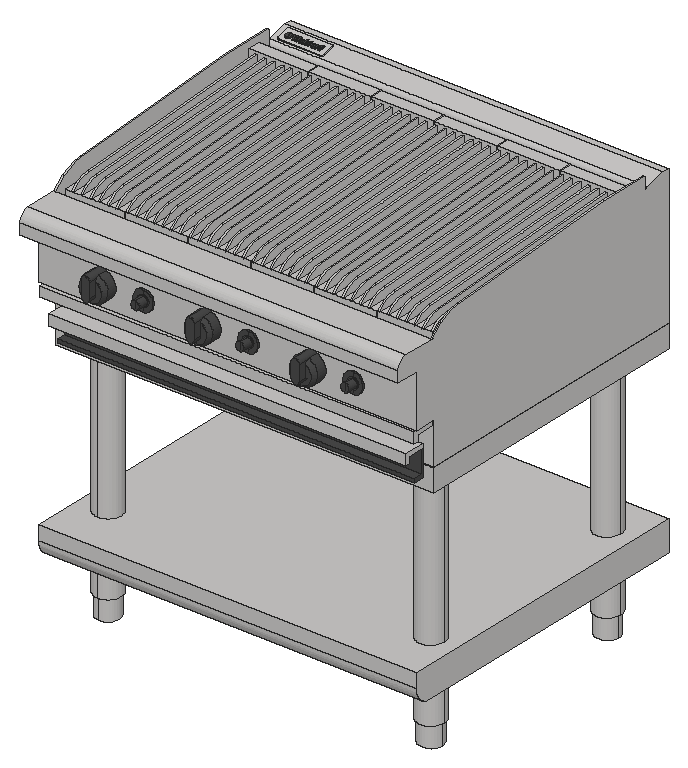
Revit family "QF_MOFFAT WALDORF_CHL8900G-LS", category Specialty Equipment, Revit 2012 (continued)
Automatic sketch dimensions
  Extrusion 26 sketch curve to plane 6 "TOP" = 425.155 mm
  Extrusion 26 sketch curve to plane 6 "TOP" = 379.636 mm
  Extrusion 26 sketch curve to Extrusion 26 sketch curve = 52.486 mm
  Extrusion 27 sketch curve to plane 5 "FRONT" = 128 mm
  Extrusion 27 sketch curve to Extrusion 27 sketch curve = 46.148 mm
  Extrusion 27 sketch curve to Extrusion 27 sketch curve = 50.262 mm
  plane 1 "BACK" to Extrusion 27 sketch curve = 132 mm
  Extrusion 27 sketch curve to plane 6 "TOP" = 425.155 mm
  Extrusion 27 sketch curve to plane 6 "TOP" = 379.636 mm
  Extrusion 27 sketch curve to Extrusion 27 sketch curve = 52.486 mm
  Extrusion 28 sketch curve to plane 5 "FRONT" = 128 mm
  Extrusion 28 sketch curve to Extrusion 28 sketch curve = 46.148 mm
  Extrusion 28 sketch curve to Extrusion 28 sketch curve = 4.114 mm
  plane 1 "BACK" to Extrusion 28 sketch curve = 132 mm
  Extrusion 28 sketch curve to plane 6 "TOP" = 425.155 mm
  Extrusion 28 sketch curve to plane 6 "TOP" = 379.636 mm
  Extrusion 28 sketch curve to Extrusion 28 sketch curve = 52.486 mm
  Extrusion 29 sketch curve to plane 5 "FRONT" = 128 mm
  Extrusion 29 sketch curve to Extrusion 29 sketch curve = 46.148 mm
  Extrusion 29 sketch curve to Extrusion 29 sketch curve = 50.262 mm
  plane 1 "BACK" to Extrusion 29 sketch curve = 132 mm
  Extrusion 29 sketch curve to plane 6 "TOP" = 425.155 mm
  Extrusion 29 sketch curve to plane 6 "TOP" = 379.636 mm
  Extrusion 29 sketch curve to Extrusion 29 sketch curve = 52.486 mm
  Extrusion 30 sketch curve to plane 5 "FRONT" = 128 mm
  Extrusion 30 sketch curve to Extrusion 30 sketch curve = 46.148 mm
  Extrusion 30 sketch curve to Extrusion 30 sketch curve = 50.262 mm
  plane 1 "BACK" to Extrusion 30 sketch curve = 132 mm
  Extrusion 30 sketch curve to plane 6 "TOP" = 425.155 mm
  Extrusion 30 sketch curve to plane 6 "TOP" = 379.636 mm
  Extrusion 30 sketch curve to Extrusion 30 sketch curve = 52.486 mm
  Extrusion 31 sketch curve to plane 5 "FRONT" = 128 mm
  Extrusion 31 sketch curve to Extrusion 31 sketch curve = 46.148 mm
  Extrusion 31 sketch curve to Extrusion 31 sketch curve = 4.114 mm
  plane 1 "BACK" to Extrusion 31 sketch curve = 132 mm
  Extrusion 31 sketch curve to plane 6 "TOP" = 425.155 mm
  Extrusion 31 sketch curve to plane 6 "TOP" = 379.636 mm
  Extrusion 31 sketch curve to Extrusion 31 sketch curve = 52.486 mm
  Extrusion 32 sketch curve to plane 5 "FRONT" = 128 mm
  Extrusion 32 sketch curve to Extrusion 32 sketch curve = 46.148 mm
  Extrusion 32 sketch curve to Extrusion 32 sketch curve = 50.262 mm
  plane 1 "BACK" to Extrusion 32 sketch curve = 132 mm
  Extrusion 32 sketch curve to plane 6 "TOP" = 425.155 mm
  Extrusion 32 sketch curve to plane 6 "TOP" = 379.636 mm
  Extrusion 32 sketch curve to Extrusion 32 sketch curve = 52.486 mm
  Extrusion 33 sketch curve to plane 5 "FRONT" = 128 mm
  Extrusion 33 sketch curve to Extrusion 33 sketch curve = 46.148 mm
  Extrusion 33 sketch curve to Extrusion 33 sketch curve = 4.114 mm
  plane 1 "BACK" to Extrusion 33 sketch curve = 132 mm
  Extrusion 33 sketch curve to plane 6 "TOP" = 425.155 mm
  Extrusion 33 sketch curve to plane 6 "TOP" = 379.636 mm
  Extrusion 33 sketch curve to Extrusion 33 sketch curve = 52.486 mm
  Extrusion 34 sketch curve to plane 5 "FRONT" = 128 mm
  Extrusion 34 sketch curve to Extrusion 34 sketch curve = 46.148 mm
  Extrusion 34 sketch curve to Extrusion 34 sketch curve = 4.114 mm
  plane 1 "BACK" to Extrusion 34 sketch curve = 132 mm
  Extrusion 34 sketch curve to plane 6 "TOP" = 425.155 mm
  Extrusion 34 sketch curve to Extrusion 34 sketch curve = 45.518 mm
  Extrusion 34 sketch curve to Extrusion 34 sketch curve = 52.486 mm
  Extrusion 35 sketch curve to plane 5 "FRONT" = 128 mm
  Extrusion 35 sketch curve to Extrusion 35 sketch curve = 46.148 mm
  Extrusion 35 sketch curve to Extrusion 35 sketch curve = 50.262 mm
  plane 1 "BACK" to Extrusion 35 sketch curve = 132 mm
  Extrusion 35 sketch curve to plane 6 "TOP" = 425.155 mm
  Extrusion 35 sketch curve to plane 6 "TOP" = 379.636 mm
  Extrusion 35 sketch curve to Extrusion 35 sketch curve = 52.486 mm
  Extrusion 36 sketch curve to plane 5 "FRONT" = 128 mm
  Extrusion 36 sketch curve to Extrusion 36 sketch curve = 46.148 mm
  Extrusion 36 sketch curve to Extrusion 36 sketch curve = 4.114 mm
  plane 1 "BACK" to Extrusion 36 sketch curve = 132 mm
  Extrusion 36 sketch curve to plane 6 "TOP" = 425.155 mm
  Extrusion 36 sketch curve to plane 6 "TOP" = 379.636 mm
  Extrusion 36 sketch curve to Extrusion 36 sketch curve = 52.486 mm
  Extrusion 37 sketch curve to plane 5 "FRONT" = 128 mm
  Extrusion 37 sketch curve to Extrusion 37 sketch curve = 46.148 mm
  Extrusion 37 sketch curve to Extrusion 37 sketch curve = 4.114 mm
  plane 1 "BACK" to Extrusion 37 sketch curve = 132 mm
  Extrusion 37 sketch curve to plane 6 "TOP" = 425.155 mm
  Extrusion 37 sketch curve to plane 6 "TOP" = 379.636 mm
  Extrusion 37 sketch curve to Extrusion 37 sketch curve = 52.486 mm
  Extrusion 38 sketch curve to plane 5 "FRONT" = 128 mm
  Extrusion 38 sketch curve to Extrusion 38 sketch curve = 46.148 mm
  Extrusion 38 sketch curve to Extrusion 38 sketch curve = 50.262 mm
  plane 1 "BACK" to Extrusion 38 sketch curve = 132 mm
  Extrusion 38 sketch curve to plane 6 "TOP" = 425.155 mm
  Extrusion 38 sketch curve to plane 6 "TOP" = 379.636 mm
  Extrusion 38 sketch curve to Extrusion 38 sketch curve = 52.486 mm
  Extrusion 39 sketch curve to plane 5 "FRONT" = 128 mm
  Extrusion 39 sketch curve to Extrusion 39 sketch curve = 46.148 mm
  Extrusion 39 sketch curve to Extrusion 39 sketch curve = 50.262 mm
  plane 1 "BACK" to Extrusion 39 sketch curve = 132 mm
  Extrusion 39 sketch curve to plane 6 "TOP" = 425.155 mm
  Extrusion 39 sketch curve to plane 6 "TOP" = 379.636 mm
  Extrusion 39 sketch curve to Extrusion 39 sketch curve = 52.486 mm
  Extrusion 40 sketch curve to plane 5 "FRONT" = 128 mm
  Extrusion 40 sketch curve to Extrusion 40 sketch curve = 46.148 mm
  Extrusion 40 sketch curve to Extrusion 40 sketch curve = 4.114 mm
  plane 1 "BACK" to Extrusion 40 sketch curve = 132 mm
  Extrusion 40 sketch curve to plane 6 "TOP" = 425.155 mm
  Extrusion 40 sketch curve to plane 6 "TOP" = 379.636 mm
  Extrusion 40 sketch curve to Extrusion 40 sketch curve = 52.486 mm
  plane 1 "BACK" to Extrusion 41 sketch curve = 32 mm
  Extrusion 42 sketch curve to plane 5 "FRONT" = 81 mm
  Extrusion 42 sketch curve to Extrusion 42 sketch curve = 20 mm
  Extrusion 42 sketch curve to Extrusion 42 sketch curve = 18.654 mm
  level to Extrusion 42 sketch curve = 608.047 mm
  Extrusion 42 sketch curve to Extrusion 42 sketch curve = 10 mm
  Extrusion 42 sketch curve to Extrusion 42 sketch curve = 53.75 mm
  Extrusion 43 sketch curve to plane 5 "FRONT" = 53.73 mm
  Extrusion 43 sketch curve to Extrusion 43 sketch curve = 10 mm  (x2)
  Extrusion 43 sketch curve to Extrusion 43 sketch curve = 42.27 mm
  level to Extrusion 43 sketch curve = 711.219 mm
  Extrusion 43 sketch curve to Extrusion 43 sketch curve = 15 mm
  Split face 12 sketch curve to cut or joined group of Extrusion 1, Extrusion 6, Extrusion 7 = 1.25 mm
  Split face 12 sketch curve to cut or joined group of Extrusion 1, Extrusion 6, Extrusion 7 = 24.993 mm
  cut or joined group of Extrusion 1, Extrusion 6, Extrusion 7 to Split face 12 sketch curve = 1.25 mm
  Split face 12 sketch curve to cut or joined group of Extrusion 1, Extrusion 6, Extrusion 7 = 25.12 mm
  Extrusion 44 sketch curve to plane 5 "FRONT" = 53.73 mm
  Extrusion 44 sketch curve to Extrusion 44 sketch curve = 10 mm  (x2)
  Extrusion 44 sketch curve to Extrusion 44 sketch curve = 55.924 mm
  level to Extrusion 44 sketch curve = 656.797 mm
  Extrusion 44 sketch curve to Extrusion 44 sketch curve = 15 mm
  Extrusion 45 sketch curve to plane 5 "FRONT" = 128 mm
  plane 1 "BACK" to Extrusion 45 sketch curve = 132 mm
  Extrusion 45 sketch curve to Extrusion 45 sketch curve = 30 mm
  Extrusion 45 sketch curve to plane 6 "TOP" = 415 mm
  Extrusion 45 sketch curve to Extrusion 45 sketch curve = 35.364 mm
  Extrusion 45 sketch curve to Extrusion 45 sketch curve = 59.636 mm
  Extrusion 46 sketch curve to plane 5 "FRONT" = 128 mm
  plane 1 "BACK" to Extrusion 46 sketch curve = 132 mm
  Extrusion 46 sketch curve to Extrusion 46 sketch curve = 30 mm
  Extrusion 46 sketch curve to plane 6 "TOP" = 415 mm
  Extrusion 46 sketch curve to Extrusion 46 sketch curve = 35.364 mm
  Extrusion 46 sketch curve to Extrusion 46 sketch curve = 59.636 mm
  Extrusion 47 sketch curve to plane 5 "FRONT" = 128 mm
  plane 1 "BACK" to Extrusion 47 sketch curve = 132 mm
  Extrusion 47 sketch curve to Extrusion 47 sketch curve = 30 mm
  Extrusion 47 sketch curve to plane 6 "TOP" = 415 mm
  Extrusion 47 sketch curve to Extrusion 47 sketch curve = 35.364 mm
  Extrusion 47 sketch curve to Extrusion 47 sketch curve = 59.636 mm
  Extrusion 48 sketch curve to plane 5 "FRONT" = 128 mm
  plane 1 "BACK" to Extrusion 48 sketch curve = 132 mm
  Extrusion 48 sketch curve to Extrusion 48 sketch curve = 30 mm
  Extrusion 48 sketch curve to plane 6 "TOP" = 415 mm
  Extrusion 48 sketch curve to Extrusion 48 sketch curve = 35.364 mm
  Extrusion 48 sketch curve to Extrusion 48 sketch curve = 59.636 mm
  Extrusion 49 sketch curve to plane 5 "FRONT" = 128 mm
  Extrusion 49 sketch curve to Extrusion 49 sketch curve = 46.148 mm
  Extrusion 49 sketch curve to Extrusion 49 sketch curve = 50.262 mm
  plane 1 "BACK" to Extrusion 49 sketch curve = 132 mm
  Extrusion 49 sketch curve to plane 6 "TOP" = 425.155 mm
  Extrusion 49 sketch curve to Extrusion 49 sketch curve = 45.518 mm
  Extrusion 49 sketch curve to Extrusion 49 sketch curve = 52.486 mm
  Extrusion 50 sketch curve to plane 5 "FRONT" = 128 mm
  Extrusion 50 sketch curve to Extrusion 50 sketch curve = 46.148 mm
  Extrusion 50 sketch curve to Extrusion 50 sketch curve = 50.262 mm
  plane 1 "BACK" to Extrusion 50 sketch curve = 132 mm
  Extrusion 50 sketch curve to plane 6 "TOP" = 425.155 mm
  Extrusion 50 sketch curve to plane 6 "TOP" = 379.636 mm
  Extrusion 50 sketch curve to Extrusion 50 sketch curve = 52.486 mm
  Extrusion 51 sketch curve to plane 5 "FRONT" = 128 mm
  Extrusion 51 sketch curve to Extrusion 51 sketch curve = 46.148 mm
  Extrusion 51 sketch curve to Extrusion 51 sketch curve = 4.114 mm
  plane 1 "BACK" to Extrusion 51 sketch curve = 132 mm
  Extrusion 51 sketch curve to plane 6 "TOP" = 425.155 mm
  Extrusion 51 sketch curve to plane 6 "TOP" = 379.636 mm
  Extrusion 51 sketch curve to Extrusion 51 sketch curve = 52.486 mm
  Extrusion 52 sketch curve to plane 5 "FRONT" = 128 mm
  Extrusion 52 sketch curve to Extrusion 52 sketch curve = 46.148 mm
  Extrusion 52 sketch curve to Extrusion 52 sketch curve = 4.114 mm
  plane 1 "BACK" to Extrusion 52 sketch curve = 132 mm
  Extrusion 52 sketch curve to plane 6 "TOP" = 425.155 mm
  Extrusion 52 sketch curve to plane 6 "TOP" = 379.636 mm
  Extrusion 52 sketch curve to Extrusion 52 sketch curve = 52.486 mm
  Extrusion 53 sketch curve to plane 5 "FRONT" = 128 mm
  Extrusion 53 sketch curve to Extrusion 53 sketch curve = 46.148 mm
  Extrusion 53 sketch curve to Extrusion 53 sketch curve = 4.114 mm
  plane 1 "BACK" to Extrusion 53 sketch curve = 132 mm
  Extrusion 53 sketch curve to plane 6 "TOP" = 425.155 mm
  Extrusion 53 sketch curve to plane 6 "TOP" = 379.636 mm
  Extrusion 53 sketch curve to Extrusion 53 sketch curve = 52.486 mm
  Extrusion 54 sketch curve to plane 5 "FRONT" = 128 mm
  Extrusion 54 sketch curve to Extrusion 54 sketch curve = 46.148 mm
  Extrusion 54 sketch curve to Extrusion 54 sketch curve = 4.114 mm
  plane 1 "BACK" to Extrusion 54 sketch curve = 132 mm
  Extrusion 54 sketch curve to plane 6 "TOP" = 425.155 mm
  Extrusion 54 sketch curve to plane 6 "TOP" = 379.636 mm
  Extrusion 54 sketch curve to Extrusion 54 sketch curve = 52.486 mm
  Extrusion 55 sketch curve to plane 5 "FRONT" = 128 mm
  Extrusion 55 sketch curve to Extrusion 55 sketch curve = 46.148 mm
  Extrusion 55 sketch curve to Extrusion 55 sketch curve = 4.114 mm
  plane 1 "BACK" to Extrusion 55 sketch curve = 132 mm
  Extrusion 55 sketch curve to plane 6 "TOP" = 425.155 mm
  Extrusion 55 sketch curve to plane 6 "TOP" = 379.636 mm
  Extrusion 55 sketch curve to Extrusion 55 sketch curve = 52.486 mm
  Extrusion 56 sketch curve to plane 5 "FRONT" = 128 mm
  plane 1 "BACK" to Extrusion 56 sketch curve = 132 mm
  Extrusion 56 sketch curve to Extrusion 56 sketch curve = 30 mm
  Extrusion 56 sketch curve to plane 6 "TOP" = 415 mm
  Extrusion 56 sketch curve to Extrusion 56 sketch curve = 35.364 mm
  Extrusion 56 sketch curve to Extrusion 56 sketch curve = 59.636 mm
  Extrusion 57 sketch curve to plane 5 "FRONT" = 128 mm
  Extrusion 57 sketch curve to Extrusion 57 sketch curve = 46.148 mm
  Extrusion 57 sketch curve to Extrusion 57 sketch curve = 50.262 mm
  plane 1 "BACK" to Extrusion 57 sketch curve = 132 mm
  Extrusion 57 sketch curve to plane 6 "TOP" = 425.155 mm
  Extrusion 57 sketch curve to Extrusion 57 sketch curve = 45.518 mm
  Extrusion 57 sketch curve to Extrusion 57 sketch curve = 52.486 mm
  Extrusion 58 sketch curve to plane 5 "FRONT" = 128 mm
  Extrusion 58 sketch curve to Extrusion 58 sketch curve = 46.148 mm
  Extrusion 58 sketch curve to Extrusion 58 sketch curve = 50.262 mm
  plane 1 "BACK" to Extrusion 58 sketch curve = 132 mm
  Extrusion 58 sketch curve to plane 6 "TOP" = 425.155 mm
  Extrusion 58 sketch curve to plane 6 "TOP" = 379.636 mm
  Extrusion 58 sketch curve to Extrusion 58 sketch curve = 52.486 mm
  Extrusion 59 sketch curve to plane 5 "FRONT" = 128 mm
  Extrusion 59 sketch curve to Extrusion 59 sketch curve = 46.148 mm
  Extrusion 59 sketch curve to Extrusion 59 sketch curve = 4.114 mm
  plane 1 "BACK" to Extrusion 59 sketch curve = 132 mm
  Extrusion 59 sketch curve to plane 6 "TOP" = 425.155 mm
  Extrusion 59 sketch curve to plane 6 "TOP" = 379.636 mm
  Extrusion 59 sketch curve to Extrusion 59 sketch curve = 52.486 mm
  Extrusion 60 sketch curve to plane 5 "FRONT" = 128 mm
  Extrusion 60 sketch curve to Extrusion 60 sketch curve = 46.148 mm
  Extrusion 60 sketch curve to Extrusion 60 sketch curve = 4.114 mm
  plane 1 "BACK" to Extrusion 60 sketch curve = 132 mm
  Extrusion 60 sketch curve to plane 6 "TOP" = 425.155 mm
  Extrusion 60 sketch curve to plane 6 "TOP" = 379.636 mm
  Extrusion 60 sketch curve to Extrusion 60 sketch curve = 52.486 mm
  Extrusion 61 sketch curve to plane 5 "FRONT" = 128 mm
  Extrusion 61 sketch curve to Extrusion 61 sketch curve = 46.148 mm
  Extrusion 61 sketch curve to Extrusion 61 sketch curve = 4.114 mm
  plane 1 "BACK" to Extrusion 61 sketch curve = 132 mm
  Extrusion 61 sketch curve to plane 6 "TOP" = 425.155 mm
  Extrusion 61 sketch curve to plane 6 "TOP" = 379.636 mm
  Extrusion 61 sketch curve to Extrusion 61 sketch curve = 52.486 mm
  Extrusion 62 sketch curve to plane 5 "FRONT" = 128 mm
  Extrusion 62 sketch curve to Extrusion 62 sketch curve = 46.148 mm
  Extrusion 62 sketch curve to Extrusion 62 sketch curve = 4.114 mm
  plane 1 "BACK" to Extrusion 62 sketch curve = 132 mm
  Extrusion 62 sketch curve to plane 6 "TOP" = 425.155 mm
  Extrusion 62 sketch curve to plane 6 "TOP" = 379.636 mm
  Extrusion 62 sketch curve to Extrusion 62 sketch curve = 52.486 mm
  Extrusion 63 sketch curve to plane 5 "FRONT" = 128 mm
  Extrusion 63 sketch curve to Extrusion 63 sketch curve = 46.148 mm
  Extrusion 63 sketch curve to Extrusion 63 sketch curve = 4.114 mm
  plane 1 "BACK" to Extrusion 63 sketch curve = 132 mm
  Extrusion 63 sketch curve to plane 6 "TOP" = 425.155 mm
  Extrusion 63 sketch curve to plane 6 "TOP" = 379.636 mm
  Extrusion 63 sketch curve to Extrusion 63 sketch curve = 52.486 mm
  Extrusion 64 sketch curve to plane 5 "FRONT" = 128 mm
  plane 1 "BACK" to Extrusion 64 sketch curve = 132 mm
  Extrusion 64 sketch curve to Extrusion 64 sketch curve = 30 mm
  Extrusion 64 sketch curve to plane 6 "TOP" = 415 mm
  Extrusion 64 sketch curve to Extrusion 64 sketch curve = 35.364 mm
  Extrusion 64 sketch curve to Extrusion 64 sketch curve = 59.636 mm
  Extrusion 1 to Split face 13 sketch curve = 1.962 mm
  Split face 13 sketch curve to Extrusion 1 = 426.534 mm
  Split face 13 sketch curve to Split face 13 sketch curve = 20 mm
  Extrusion 1 to Split face 14 sketch curve = 1.962 mm
  Split face 14 sketch curve to Extrusion 1 = 446.466 mm
  Split face 14 sketch curve to Split face 14 sketch curve = 20 mm
  Extrusion 1 to Split face 15 sketch curve = 1.962 mm
  Split face 15 sketch curve to Extrusion 1 = 419.466 mm
  Split face 15 sketch curve to Split face 15 sketch curve = 20 mm
  Extrusion 1 to Split face 16 sketch curve = 1.962 mm
  Split face 16 sketch curve to Extrusion 1 = 392.466 mm
  Split face 16 sketch curve to Split face 16 sketch curve = 20 mm
  Extrusion 1 to Split face 17 sketch curve = 1.962 mm
  Split face 17 sketch curve to Extrusion 1 = 365.466 mm
  Split face 17 sketch curve to Split face 17 sketch curve = 20 mm
  Extrusion 1 to Split face 18 sketch curve = 1.962 mm
  Split face 18 sketch curve to Extrusion 1 = 338.466 mm
  Split face 18 sketch curve to Split face 18 sketch curve = 20 mm
  Extrusion 1 to Split face 19 sketch curve = 1.962 mm
  Split face 19 sketch curve to Extrusion 1 = 311.466 mm
  Split face 19 sketch curve to Split face 19 sketch curve = 20 mm
  Extrusion 1 to Split face 20 sketch curve = 1.962 mm
  Split face 20 sketch curve to Extrusion 1 = 284.466 mm
  Split face 20 sketch curve to Split face 20 sketch curve = 20 mm
  Extrusion 1 to Split face 21 sketch curve = 1.962 mm
  Split face 21 sketch curve to Extrusion 1 = 257.466 mm
  Split face 21 sketch curve to Split face 21 sketch curve = 20 mm
  Extrusion 1 to Split face 22 sketch curve = 1.962 mm
  Split face 22 sketch curve to Extrusion 1 = 230.466 mm
  Split face 22 sketch curve to Split face 22 sketch curve = 20 mm
  Extrusion 1 to Split face 23 sketch curve = 1.962 mm
  Split face 23 sketch curve to Extrusion 1 = 203.466 mm
  Split face 23 sketch curve to Split face 23 sketch curve = 20 mm
  Extrusion 1 to Split face 24 sketch curve = 1.962 mm
  Split face 24 sketch curve to Extrusion 1 = 176.466 mm
  Split face 24 sketch curve to Split face 24 sketch curve = 20 mm
  Extrusion 1 to Split face 25 sketch curve = 1.962 mm
  Split face 25 sketch curve to Extrusion 1 = 149.466 mm
  Split face 25 sketch curve to Split face 25 sketch curve = 20 mm
  Revolve 65 sketch curve to plane 5 "FRONT" = 12 mm
  Revolve 65 sketch curve to Revolve 65 sketch curve = 0 mm  (x2)
  Revolve 65 sketch curve to Revolve 65 sketch curve = 11 mm
  Revolve 65 sketch curve to Revolve 65 sketch curve = 12.7 mm
  Revolve 65 sketch curve to Revolve 65 sketch curve = 23 mm
  Revolve 65 sketch curve to Revolve 65 sketch curve = 10 mm
  Revolve 65 sketch curve to plane 6 "TOP" = 460.5 mm
  Revolve 65 sketch curve to Revolve 65 sketch curve = 5.849 mm
  Revolve 65 sketch curve to Revolve 65 sketch curve = 27.5 mm
  Revolve 65 sketch curve to Revolve 65 sketch curve = 5 mm
  plane 7 "Center Y" to Extrusion 66 sketch curve = 218.056 mm
  Extrusion 66 sketch curve to Extrusion 66 sketch curve = 10 mm
  Extrusion 66 sketch curve to plane 6 "TOP" = 466 mm
  Extrusion 66 sketch curve to Extrusion 66 sketch curve = 35 mm
  Revolve 67 sketch curve to plane 5 "FRONT" = 20.12 mm
  Revolve 67 sketch curve to Revolve 67 sketch curve = 6.83 mm
  Revolve 67 sketch curve to Revolve 67 sketch curve = 15.2 mm
  Revolve 67 sketch curve to Revolve 67 sketch curve = 1.144 mm
  Revolve 67 sketch curve to Revolve 67 sketch curve = 3.85 mm
  Revolve 67 sketch curve to Revolve 67 sketch curve = 0 mm  (x2)
  Revolve 67 sketch curve to Revolve 67 sketch curve = 10 mm
  level to Revolve 67 sketch curve = 797 mm
  Revolve 67 sketch curve to Revolve 67 sketch curve = 5 mm
  Revolve 67 sketch curve to Revolve 67 sketch curve = 4.825 mm
  Revolve 67 sketch curve to Revolve 67 sketch curve = 3.025 mm
  Revolve 67 sketch curve to Revolve 67 sketch curve = 11.15 mm
  Extrusion 1 sketch curve to plane 5 "FRONT" = 0 mm
  Extrusion 1 sketch curve to plane 9 = 0 mm
  Extrusion 1 sketch curve to plane 1 "BACK" = 0 mm  (x3)
  Extrusion 1 sketch curve to plane 5 "FRONT" = 24 mm
  Extrusion 1 sketch curve to plane 5 "FRONT" = 56 mm  (x2)
  Extrusion 1 sketch curve to Extrusion 1 sketch curve = 44 mm
  Extrusion 1 sketch curve to Extrusion 1 sketch curve = 50 mm
  Extrusion 1 sketch curve to Extrusion 1 sketch curve = 0 mm
  Extrusion 1 sketch curve to plane 9 = 23.945 mm
  plane 1 "BACK" to Extrusion 1 sketch curve = 70 mm
  plane 1 "BACK" to Extrusion 1 sketch curve = 16.5 mm
  Extrusion 1 sketch curve to plane 9 = 55 mm
  Extrusion 1 sketch curve to Extrusion 1 sketch curve = 82.646 mm
  Extrusion 1 sketch curve to Extrusion 1 sketch curve = 25 mm
  Extrusion 1 sketch curve to Extrusion 1 sketch curve = 135 mm
  Extrusion 1 sketch curve to Extrusion 1 sketch curve = 0.794 mm
  Extrusion 1 sketch curve to Extrusion 1 sketch curve = 54.206 mm
  Extrusion 1 sketch curve to Extrusion 1 sketch curve = 12 mm
  Extrusion 1 sketch curve to Extrusion 1 sketch curve = 8.894 mm
  Extrusion 1 sketch curve to Extrusion 1 sketch curve = 100 mm
  Split face 1 sketch curve to Extrusion 1 = 17.949 mm
  Split face 2 sketch curve to Extrusion 1 = 17.949 mm
  Split face 3 sketch curve to Extrusion 1 = 17.949 mm
  Split face 4 sketch curve to Extrusion 1 = 17.949 mm
  Split face 5 sketch curve to Extrusion 1 = 17.949 mm
  Split face 6 sketch curve to Extrusion 1 = 17.949 mm
  Split face 7 sketch curve to Extrusion 1 = 17.949 mm
  Split face 8 sketch curve to Extrusion 1 = 17.949 mm
  Split face 9 sketch curve to Extrusion 1 = 17.949 mm
  Split face 10 sketch curve to Extrusion 1 = 17.949 mm
  Split face 11 sketch curve to Extrusion 1 = 17.949 mm
  Split face 13 sketch curve to Extrusion 1 = 17.949 mm
  Split face 14 sketch curve to Extrusion 1 = 17.949 mm
  Split face 15 sketch curve to Extrusion 1 = 17.949 mm
  Split face 16 sketch curve to Extrusion 1 = 17.949 mm
  Split face 17 sketch curve to Extrusion 1 = 17.949 mm
  Split face 18 sketch curve to Extrusion 1 = 17.949 mm
  Split face 19 sketch curve to Extrusion 1 = 17.949 mm
  Split face 20 sketch curve to Extrusion 1 = 17.949 mm
  Split face 21 sketch curve to Extrusion 1 = 17.949 mm
  Split face 22 sketch curve to Extrusion 1 = 17.949 mm
  Split face 23 sketch curve to Extrusion 1 = 17.949 mm
  Split face 24 sketch curve to Extrusion 1 = 17.949 mm
  Split face 25 sketch curve to Extrusion 1 = 17.949 mm
  Extrusion 7 sketch curve to plane 5 "FRONT" = 100 mm
  Extrusion 7 sketch curve to plane 9 = 33.285 mm
  Extrusion 7 sketch curve to Extrusion 7 sketch curve = 28.253 mm
  Extrusion 7 sketch curve to plane 9 = 15.444 mm
  Extrusion 7 sketch curve to Extrusion 7 sketch curve = 85.611 mm
  plane 9 to Extrusion 7 sketch curve = 15 mm
  plane 1 "BACK" to Extrusion 7 sketch curve = 191 mm
  plane 1 "BACK" to Extrusion 7 sketch curve = 70 mm
  Extrusion 7 sketch curve to Extrusion 7 sketch curve = 21.715 mm
  Extrusion 7 sketch curve to plane 9 = 95 mm
  Extrusion 7 sketch curve to Extrusion 7 sketch curve = 50.382 mm
  Extrusion 7 sketch curve to Extrusion 7 sketch curve = 5 mm
  Extrusion 6 sketch curve to Extrusion 6 sketch curve = 28.253 mm
  plane 9 to Extrusion 6 sketch curve = 15 mm
  Extrusion 6 sketch curve to plane 9 = 33.285 mm
  Extrusion 6 sketch curve to Extrusion 6 sketch curve = 85.611 mm
  Extrusion 6 sketch curve to Extrusion 6 sketch curve = 21.715 mm
  Extrusion 6 sketch curve to Extrusion 6 sketch curve = 20.2 mm
  Extrusion 6 sketch curve to Extrusion 6 sketch curve = 50.382 mm
  Extrusion 6 sketch curve to plane 9 = 95 mm
  plane 1 "BACK" to Extrusion 6 sketch curve = 191 mm
  Extrusion 6 sketch curve to Extrusion 6 sketch curve = 5 mm
  plane 1 "BACK" to Extrusion 6 sketch curve = 70 mm
  Extrusion 1 sketch curve to Extrusion 1 sketch curve = 38 mm
  Extrusion 1 sketch curve to Extrusion 1 sketch curve = 34.5 mm
  level to Extrusion 1 sketch curve = 150 mm
  level to Revolve 2 sketch curve = 222.5 mm
  Revolve 2 sketch curve to Revolve 2 sketch curve = 31.75 mm
  Revolve 2 sketch curve to Revolve 2 sketch curve = 72.5 mm
  plane 4 "RIGHT" to Revolve 2 sketch curve = 97.25 mm
  plane 4 "RIGHT" to Revolve 3 sketch curve = 65.5 mm
  level to Revolve 3 sketch curve = 222.5 mm
  Revolve 3 sketch curve to Revolve 3 sketch curve = 72.5 mm
  Revolve 3 sketch curve to Revolve 3 sketch curve = 31.75 mm
  Revolve 4 sketch curve to Revolve 4 sketch curve = 31.75 mm  (x2)
  level to Revolve 4 sketch curve = 150 mm
  Revolve 4 sketch curve to Revolve 4 sketch curve = 72.5 mm
  plane 1 "BACK" to Revolve 5 sketch curve = 100 mm  (x2)
  Revolve 5 sketch curve to Revolve 5 sketch curve = 100 mm
  Revolve 5 sketch curve to Revolve 5 sketch curve = 72.5 mm
  Revolve 5 sketch curve to Revolve 5 sketch curve = 31.75 mm
  radius of Extrusion 41 sketch curve = 13.5 mm
Nested families
  nested 1: "WALDORF LOGO_FACE BASE" at (12.5, -23.821, 967.972) x (1, 0, 0) z (0, -0.2669, 0.9637), visible <- "Show Logo", type "WALDORF LOGO_FACE BASE", detail levels medium+fine
    with Show Logo yes
Connectors
  piping at (216, -32, 555)
    settings: on Extrusion 41, index 1, connector radius 0.37402", flow factor 0, pipe flow 0 GPM, pressure drop 0.00 psi, fitting loss kfactor 0, connector angle 0.00°, fixture units 0, engagement length 0 mm, flow configuration 1, flow direction 1, fitting loss method 0, system type 7, joint type 0, gender type 0, connector reference index -1, connector utility 0, adjustable connector no, is connector primary yes, fitting loss table "", connector description "GAS CONNECTION"
Definition of nested family "WALDORF LOGO_FACE BASE"
  Parameters (values of type "WALDORF LOGO_FACE BASE")
    Show Logo [instance] = yes
    Default Elevation = 1219.2 mm
  Reference planes
    plane 1 "Center (Front/Back)": y = 0
    plane 2: z = 0
    plane 3 "Center (Left/Right)": x = 0
  Forms (mm)
    Extrusion 1, solid
      sketch origin (0, 0, 0) x (1, 0, 0) y (0, 1, 0)
        loop
          line (-1219.2, 1219.2) -> (-1219.2, -1219.2) -> (1219.2, -1219.2) -> (1219.2, 1219.2) -> (-1219.2, 1219.2)
      from 0 to -304.8
    Extrusion 2, solid, material "QF_Finishes_Stainless Steel", visible <- "Show Logo"
      sketch origin (0, -33.217, 0) x (1, 0, 0) y (0, 1, 0)
        loop
          arc (5, 34.14) -> (1.464, 32.676) -> (0, 29.14) r 5
          line (0, 29.14) -> (0, 5)
          arc (0, 5) -> (1.464, 1.464) -> (5, 0) r 5
          line (5, 0) -> (104, 0)
          arc (104, 0) -> (107.536, 1.464) -> (109, 5) r 5
          line (109, 5) -> (109, 29.14)
          arc (109, 29.14) -> (107.536, 32.676) -> (104, 34.14) r 5
          line (104, 34.14) -> (5, 34.14)
      from 0 to 1.588
    Extrusion 3, solid, material "QF_Finishes_Black", visible <- "Show Logo"
      sketch origin (0, -33.217, 1.588) x (1, 0, 0) y (0, 1, 0)
        loop
          line (24.772, 23.214) -> (27.992, 10.301) -> (31.551, 10.301) -> (33.443, 17.364) -> (35.205, 10.301) -> (39.332, 10.301) -> (42.077, 23.214) -> (38.352, 23.214) -> (36.676, 15.33) -> (35, 23.214) -> (31.752, 23.214) -> (30.076, 15.33) -> (28.4, 23.214) -> (24.772, 23.214)
        loop
          line (42.272, 17.055) -> (45.703, 17.055)
          spline (45.703, 17.055) -> (45.741, 17.285) -> (45.852, 17.499) -> (46.028, 17.682) -> (46.258, 17.823) -> (46.526, 17.912) -> (46.813, 17.942) -> (47.1, 17.912) -> (47.368, 17.823) -> (47.597, 17.682) -> (47.774, 17.499) -> (47.884, 17.285) -> (47.922, 17.055)
          line (47.922, 17.055) -> (47.922, 16.222)
          arc (47.922, 16.222) -> (45.742, 16.014) -> (43.665, 15.317) r 9.604
          arc (43.665, 15.317) -> (41.924, 12.809) -> (43.665, 10.301) r 2.677
          arc (43.665, 10.301) -> (45.527, 10.353) -> (47.332, 10.816) r 8.365
          line (47.332, 10.816) -> (48.092, 11.105) -> (48.092, 10.301) -> (51.817, 10.301) -> (51.817, 17.055)
          spline (51.817, 17.055) -> (51.654, 17.821) -> (51.178, 18.535) -> (50.419, 19.148) -> (49.431, 19.619) -> (48.28, 19.914) -> (47.044, 20.015) -> (45.809, 19.914) -> (44.658, 19.619) -> (43.67, 19.148) -> (42.911, 18.535) -> (42.434, 17.821) -> (42.272, 17.055)
        loop
          line (53.151, 23.214) -> (53.151, 10.301) -> (57.37, 10.301) -> (57.37, 23.214) -> (53.151, 23.214)
        loop
          line (64.874, 23.214) -> (64.874, 18.857)
          arc (64.874, 18.857) -> (58.083, 15.11) -> (64.874, 11.363) r 4.429
          line (64.874, 11.363) -> (64.874, 10.301) -> (68.378, 10.301) -> (68.378, 23.214) -> (64.874, 23.214)
        loop
          arc (64.874, 16.083) -> (61.41, 14.987) -> (64.874, 13.891) r 1.905
          line (64.874, 13.891) -> (64.874, 16.083)
        loop
          circle (74.623, 15.223) r 5
        loop
          spline (74.623, 17.856) -> (74.355, 17.766) -> (74.105, 17.503) -> (73.891, 17.084) -> (73.726, 16.539) -> (73.623, 15.904) -> (73.588, 15.223) -> (73.623, 14.541) -> (73.726, 13.906) -> (73.891, 13.361) -> (74.105, 12.942) -> (74.355, 12.679) -> (74.623, 12.59)
          spline (74.623, 12.59) -> (74.891, 12.679) -> (75.141, 12.942) -> (75.355, 13.361) -> (75.52, 13.906) -> (75.623, 14.541) -> (75.659, 15.223) -> (75.623, 15.904) -> (75.52, 16.539) -> (75.355, 17.084) -> (75.141, 17.503) -> (74.891, 17.766) -> (74.623, 17.856)
        loop
          line (81.255, 19.813) -> (81.255, 10.301) -> (84.834, 10.301) -> (84.834, 14.176)
          arc (84.834, 14.176) -> (85.854, 16.093) -> (88.013, 16.32) r 2.313
          line (88.013, 16.32) -> (88.013, 19.813) -> (87.161, 19.813)
          arc (87.161, 19.813) -> (85.526, 19.266) -> (84.549, 17.844) r 2.717
          line (84.549, 17.844) -> (84.549, 19.813) -> (81.255, 19.813)
        loop
          line (90.249, 19.813) -> (88.91, 19.813) -> (88.91, 17.614) -> (90.249, 17.614) -> (90.249, 10.301) -> (93.998, 10.301) -> (93.998, 17.614) -> (95.418, 17.614) -> (95.418, 19.813) -> (93.998, 19.813)
          arc (93.998, 19.813) -> (94.414, 20.817) -> (95.418, 21.233) r 1.42
          line (95.418, 21.233) -> (95.418, 23.602) -> (93.317, 23.602)
          arc (93.317, 23.602) -> (91.343, 22.903) -> (90.249, 21.118) r 3.137
          line (90.249, 21.118) -> (90.249, 19.813)
        loop
          arc (15.241, 23.571) -> (8.392, 16.525) -> (15.241, 9.479) r 7.049
          line (15.241, 9.479) -> (15.241, 23.571)
        loop
          line (15.641, 23.571) -> (15.641, 9.479)
          arc (15.641, 9.479) -> (22.49, 16.525) -> (15.641, 23.571) r 7.049
        loop
          arc (47.922, 14.711) -> (46.266, 13.749) -> (47.922, 12.787) r 1.107
          line (47.922, 12.787) -> (47.922, 14.711)
      from 0 to 0.2
  Dimensions and locks
    aligned and locked: plane 2 to Extrusion 1
    aligned and locked: level to Extrusion 1
